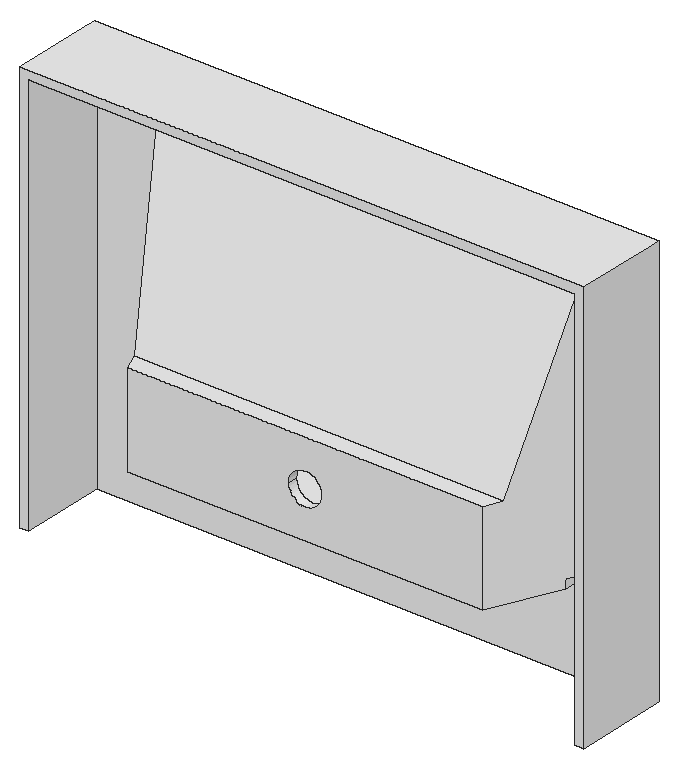
Revit family "XBasin-Single_Station-Sloan-Designer_Series-DSG-81000", category Plumbing Fixtures, host Face, Revit 2014
Parameters (values of type "DSG-81000")
  Width = 0"
  Waste Connection Radius = 3/4"
  Waste Connection Height = 21"
  Waste Connection Diameter = Waste Connection Radius * 2  # 1 1/2"
  Waste Connection = yes
  Warranty Information = "3 Year Limited Warranty"
  WFU = 2
  Vent Connection = no
  URL = "https://www.sloan.com/"
  Type Comments = ""
  Soap Dispenser Holes = yes
  Soap Dispenser Hole Punch = if(Soap Dispenser Holes, 0", 1/4")  # 0"
  Revised Date = "04/04/2017"
  Product Page URL = "https://www.sloan.com/commercial-bathroom-products/sinks/designer-series/dsg-80000/dsg-81000"
  Product Documentation Link = "https://specifications.sloan.com/sloan-spec/template/spec-template/fixtureId/1869"
  Price = "Prices may vary. Please consult Manufacturer Representative for most up-to-date price list."  # constant formula
  Model = "DSG-81000"
  Material = "Natural Stone-Sloan-DSC001-Designer White"
  Manufacturer = "SLOAN"
  Length = 22"
  Installation Type = "Wall Mounted"
  IAPMO Compliance = "cUPC"
  Hot Water Connection Width = Cold Water Connection Width  # 2"
  Hot Water Connection Height = Cold Water Connection Height  # 23"
  Hot Water Connection Diameter = Cold Water Connection Diameter  # 1/2"
  Faucet Width = 30"
  Faucet Hole Punch = if(Faucet Holes, 0", 1/4")  # 0"
  Height = 5"
  HWFU = 1.5
  HW Connection = yes
  Finish = Natural Stone-Sloan-DSC001-Designer White
  Faucet Holes = yes
  Description = "Designer Series Single Station Gradient Basin Lavatory"
  Default Elevation = 34"
  Creation Date = "04/15/2013"
  Cold Water Connection Width = 2"
  Cold Water Connection Radius = 1/4"
  Cold Water Connection Height = 23"
  Cold Water Connection Diameter = Cold Water Connection Radius * 2  # 1/2"
  CWFU = 1.5
  CW Connection = yes
  Basin Shape = "Rectangular"
  Assembly Code = "D2010300"
  ADA Compliant = yes
Reference planes (in)
  plane 1 "Center (Front/Back)": y = 0
  plane 2: z = 0
  plane 3 "Center (Left/Right)": x = 0
  plane 4: y = -5
  plane 5: z = 22
  plane 6: y = -34
  plane 7: y = -13
  plane 8: y = -11
  plane 9: x = -2
  plane 10: x = 2
  plane 11: z = 7
  plane 12: x = 15
  plane 13: x = -15
  plane 14: x = -6
  plane 15: x = -11
  plane 16: x = 11
Forms (in)
  Extrusion 1, solid, material "Natural Stone-Sloan-DSC001-Designer White" <- "Finish"
    sketch origin (0, 0, 0) x (1, 0, 0) y (0, 0, 1)
      loop
        line (15, 22) -> (-15, 22) -> (-15, 0) -> (-14.52756, 0) -> (-14.52756, 21.52756) -> (14.52756, 21.52756) -> (14.52756, 0) -> (15, 0) -> (15, 22)
    from 0 to 5
  Extrusion 2, solid, material "Natural Stone-Sloan-DSC001-Designer White" <- "Finish"
    sketch origin (0, 0, 0) x (1, 0, 0) y (0, 0, 1)
      loop
        line (15, 0) -> (15, 22) -> (-15, 22) -> (-15, 0) -> (15, 0)
      loop
        line (11, 19) -> (-11, 19) -> (-11, 5) -> (11, 5) -> (11, 19)
    from 0 to 0.47244
  Extrusion 3, solid, material "Natural Stone-Sloan-DSC001-Designer White" <- "Finish"
    sketch origin (0, 0, 0) x (0, 1, 0) y (0, 0, 1)
      loop
        line (0, 19) -> (-0.47244, 19.08029) -> (-3.83519, 9.47244) -> (-4.76173, 9.47244) -> (-4.76173, 4.52756) -> (-0.47244, 4.52756) -> (0, 5) -> (-4.28908, 5) -> (-4.28908, 9) -> (-3.5, 9) -> (0, 19)
    from -11 to 11
  Extrusion 4, solid, material "Natural Stone-Sloan-DSC001-Designer White" <- "Finish"
    sketch origin (0, 0, 0) x (1, 0, 0) y (0, 1, 0)
      loop
        line (11, 0) -> (8.91846, -4.75781) -> (9.43413, -4.75781) -> (11.30898, -0.47244) -> (11, 0)
      loop
        line (-11, 0) -> (-11.30898, -0.47244) -> (-9.43413, -4.75781) -> (-8.91846, -4.75781) -> (-11, 0)
    from 5 to 19.08029
  Extrusion 5, void
    sketch origin (0, 0, 0) x (0, 1, 0) y (0, 0, 1)
      loop
        line (-0.47244, 19.08029) -> (-5, 19.08029) -> (-5, 9.47244) -> (-3.83519, 9.47244) -> (-0.47244, 19.08029)
    from -11.30898 to 11.30898
  Extrusion 6, void
    sketch origin (0, 0, 0) x (1, 0, 0) y (0, 1, 0)
      loop
        line (-9.43242, -4.76173) -> (-11.30898, -0.47244) -> (-11.30898, -4.76173) -> (-9.43242, -4.76173)
      loop
        line (9.43242, -4.76173) -> (11.30898, -4.76173) -> (11.30898, -0.47244) -> (9.43242, -4.76173)
    from 4.52756 to 19.28617
  Extrusion 7, solid, not visible
    sketch origin (0, 0, 0) x (1, 0, 0) y (0, 1, 0)
      loop
        circle (0, -13) r 0.75
      loop
        circle (-2, -11) r 0.25
      loop
        circle (2, -11) r 0.25
    from 0 to 0.032
  Extrusion 8, void
    sketch origin (0, 0, 0) x (1, 0, 0) y (0, 0, 1)
      loop
        circle (0, 2.75) r 0.625
    from 0 <- "Faucet Hole Punch" to 0.47244
  Extrusion 9, void
    sketch origin (0, 0, 23) x (1, 0, 0) y (0, 0, 1)
      loop
        circle (-6, -19.875) r 0.5
    from 0 <- "Soap Dispenser Hole Punch" to 0.47244
  Extrusion 10, void
    sketch origin (0, 0, 0) x (1, 0, 0) y (0, 0, 1)
      loop
        circle (0, 7) r 0.875
    from 4.28906 to 4.76173
Cuts and joins
  Extrusion 5, Extrusion 8, Extrusion 9, Extrusion 10 cuts Extrusion 1
  Extrusion 5, Extrusion 8, Extrusion 9, Extrusion 10 cuts Extrusion 2
  Extrusion 5, Extrusion 6, Extrusion 8, Extrusion 9, Extrusion 10 cuts Extrusion 3
  Extrusion 5, Extrusion 8, Extrusion 9, Extrusion 10 cuts Extrusion 4
  joined: Extrusion 1, Extrusion 2, Extrusion 3, Extrusion 4
Lines and regions (in)
  Masking region 1
    outline origin (0, 0, 0) x (1, 0, 0) y (0, 0, 1)
      loop
        line (15, 22) -> (-15, 22) -> (-15, 0) -> (15, 0) -> (15, 22)
  symbolic lines, detail levels medium+fine
    curve 1: line (11, 0, 19) -> (-11, 0, 19)
    curve 2: line (-11, 0, 5) -> (11, 0, 5)
    curve 4: circle (0, 0, 7) r 0.875 normal (0, -1, 0)
    curve 5: line (11, 0, 5) -> (11, 0, 19)
    curve 8: line (-11, 0, 19) -> (-11, 0, 5)
  symbolic lines, detail levels fine
    curve 3: line (-9.46875, 0, 9) -> (9.46875, 0, 9)
    curve 6: line (11, 0, 19) -> (9.46875, 0, 9)
    curve 7: line (8.91846, 0, 9) -> (8.91846, 0, 5)
    curve 9: line (-8.91846, 0, 5) -> (-8.91846, 0, 9)
    curve 10: line (-9.46875, 0, 9) -> (-11, 0, 19)
  symbolic lines, visible <- "Faucet Holes", detail levels medium+fine
    curve 11: circle (0, 0, 2.75) r 0.625 normal (0, 1, 0)
  symbolic lines, visible <- "Soap Dispenser Holes", detail levels medium+fine
    curve 12: circle (-6, 0, 3.125) r 0.5 normal (0, 1, 0)
Dimensions and locks (in)
  "Length": host face to plane 5
  "Height": plane 4 to plane 1 "Center (Front/Back)"
  "Hot Water Connection Width": plane 9 to plane 3 "Center (Left/Right)"
  "Cold Water Connection Height": plane 6 to plane 8
  "Waste Connection Height": plane 6 to plane 7
  "Cold Water Connection Width": plane 3 "Center (Left/Right)" to plane 10
  "Default Elevation": plane 6 to plane 1 "Center (Front/Back)"
  aligned and locked: plane 2 to host face
  aligned and locked: level to host face
  aligned and locked: plane 7 to Extrusion 7 sketch curve
  aligned and locked: plane 8 to Extrusion 7 sketch curve  (x2)
  aligned and locked: plane 9 to Extrusion 7 sketch curve
  aligned and locked: plane 10 to Extrusion 7 sketch curve
  aligned and locked: Extrusion 2 sketch curve to level
  aligned and locked: Extrusion 2 sketch curve to plane 5
  aligned and locked: Extrusion 2 to Extrusion 8
  aligned and locked: plane 11 to Extrusion 10 sketch curve
  aligned and locked: plane 3 "Center (Left/Right)" to Extrusion 10 sketch curve
  aligned and locked: plane 3 "Center (Left/Right)" to Extrusion 8 sketch curve
  aligned and locked: plane 14 to Extrusion 9 sketch curve
Automatic sketch dimensions
  host sketch curve to host sketch curve = 96"  (x2)
  Extrusion 7 sketch curve to plane 3 "Center (Left/Right)" = 0"
  Masking region 1 sketch curve to level = 0"
  Masking region 1 sketch curve to plane 5 = 0"
  level to Extrusion 8 sketch curve = 2 3/4"
  plane 5 to Extrusion 9 sketch curve = 18 7/8"
  Masking region 1 sketch curve to plane 3 "Center (Left/Right)" = 15"
  plane 3 "Center (Left/Right)" to Masking region 1 sketch curve = 15"
  curve 11 to plane 3 "Center (Left/Right)" = 0"
  curve 4 to plane 3 "Center (Left/Right)" = 0"
  curve 4 to plane 11 = 0"
  curve 12 to plane 3 "Center (Left/Right)" = 6"
  curve 10 to plane 11 = 2"
  plane 13 to curve 10 = 5 17/32"
  plane 13 to curve 10 = 4"
  curve 3 to plane 12 = 5 17/32"
  curve 5 to plane 12 = 4"
  plane 11 to curve 8 = 2"
  level to curve 12 = 3 1/8"
  level to curve 11 = 2 3/4"
  plane 5 to curve 6 = 3"
  curve 2 to curve 9 = 2.08154"
  curve 7 to curve 2 = 2.08154"
  plane 1 "Center (Front/Back)" to Extrusion 4 sketch curve = 0"  (x2)
  Extrusion 4 sketch curve to plane 15 = 0"
  Extrusion 4 sketch curve to plane 16 = 0"
  Extrusion 4 sketch curve to plane 15 = 0.30898"
  Extrusion 4 sketch curve to plane 4 = 31/128"  (x2)
  plane 15 to Extrusion 4 sketch curve = 1.56587"
  Extrusion 4 sketch curve to Extrusion 4 sketch curve = 0.51568"  (x2)
  Extrusion 4 sketch curve to plane 16 = 2.08154"
  plane 16 to Extrusion 4 sketch curve = 0.30898"
  plane 1 "Center (Front/Back)" to Extrusion 4 sketch curve = 0.47244"  (x2)
  plane 4 to Extrusion 5 sketch curve = 0"
  Extrusion 5 sketch curve to plane 4 = 1.16481"
  plane 1 "Center (Front/Back)" to Extrusion 5 sketch curve = 0.47244"
  Extrusion 5 sketch curve to plane 11 = 2.47244"
  plane 5 to Extrusion 5 sketch curve = 2.91971"
  Extrusion 6 sketch curve to plane 15 = 0.30898"
  Extrusion 6 sketch curve to plane 4 = 61/256"  (x2)
  plane 15 to Extrusion 6 sketch curve = 1.56758"
  Extrusion 6 sketch curve to plane 16 = 1.56758"
  plane 16 to Extrusion 6 sketch curve = 0.30898"
  plane 1 "Center (Front/Back)" to Extrusion 6 sketch curve = 0.47244"  (x2)
  Extrusion 2 sketch curve to plane 13 = 0"
  Extrusion 2 sketch curve to plane 15 = 0"
  Extrusion 2 sketch curve to plane 16 = 0"
  Extrusion 2 sketch curve to plane 12 = 0"
  plane 5 to Extrusion 2 sketch curve = 3"
  plane 11 to Extrusion 2 sketch curve = 2"
  Extrusion 1 sketch curve to plane 5 = 0"
  Extrusion 1 sketch curve to level = 0"  (x2)
  Extrusion 1 sketch curve to plane 13 = 0"
  Extrusion 1 sketch curve to plane 12 = 0"
  plane 5 to Extrusion 1 sketch curve = 0.47244"
  Extrusion 1 sketch curve to Extrusion 1 sketch curve = 0.47244"
  Extrusion 1 sketch curve to plane 12 = 0.47244"
  Extrusion 3 sketch curve to plane 1 "Center (Front/Back)" = 0"  (x2)
  plane 1 "Center (Front/Back)" to Extrusion 3 sketch curve = 0.47244"  (x2)
  Extrusion 3 sketch curve to plane 4 = 1 1/2"
  Extrusion 3 sketch curve to Extrusion 3 sketch curve = 0.33519"
  Extrusion 3 sketch curve to Extrusion 3 sketch curve = 101/128"
  Extrusion 3 sketch curve to plane 4 = 61/256"
  plane 11 to Extrusion 3 sketch curve = 2.47244"
  Extrusion 3 sketch curve to Extrusion 3 sketch curve = 0.47244"  (x2)
  Extrusion 3 sketch curve to plane 11 = 2"
  plane 5 to Extrusion 3 sketch curve = 3"
  Extrusion 3 sketch curve to Extrusion 3 sketch curve = 0.08029"
  radius of Extrusion 7 sketch curve = 3/4"
  radius of Extrusion 7 sketch curve = 1/4"  (x2)
  radius of Extrusion 8 sketch curve = 5/8"
  radius of Extrusion 9 sketch curve = 1/2"
  radius of Extrusion 10 sketch curve = 7/8"
  radius of curve 4 = 7/8"
  radius of curve 11 = 5/8"
  radius of curve 12 = 1/2"
Connectors (in)
  piping at (0, -13, 0), diameter 1.5, driven by "Waste Connection Diameter", driven by "WFU"
    settings: on Extrusion 7, index 1, connector inside diameter 24", connector length 0", flow factor 0, pipe flow 0 GPM, pressure drop 0.00 psi, fitting loss kfactor 0, connector angle 0.00°, fixture units 2, engagement length 0", angle of deflection 0.00°, flow configuration 3, flow direction 2, fitting loss method 0, system type 16, joint type 0, gender type 0, connector reference index -1, connector utility 0, adjustable connector yes, is connector primary yes, connector description "1-1/2\" Waste Outlet"
  piping at (2, -11, 0), diameter 0.5, driven by "Hot Water Connection Diameter", driven by "CWFU"
    settings: on Extrusion 7, index 2, connector inside diameter 24", connector length 0", flow factor 0, pipe flow 0 GPM, pressure drop 0.00 psi, fitting loss kfactor 0, connector angle 0.00°, fixture units 1.5, engagement length 0", angle of deflection 0.00°, flow configuration 3, flow direction 1, fitting loss method 0, system type 20, joint type 0, gender type 0, connector reference index -1, connector utility 0, adjustable connector no, is connector primary no, connector description "1/2\" CW Supply Inlet"
  piping at (-2, -11, 0), diameter 0.5, driven by "Hot Water Connection Diameter", driven by "HWFU"
    settings: on Extrusion 7, index 3, connector inside diameter 24", connector length 0", flow factor 0, pipe flow 0 GPM, pressure drop 0.00 psi, fitting loss kfactor 0, connector angle 0.00°, fixture units 1.5, engagement length 0", angle of deflection 0.00°, flow configuration 3, flow direction 1, fitting loss method 0, system type 19, joint type 0, gender type 0, connector reference index -1, connector utility 0, adjustable connector no, is connector primary no, connector description "1/2\" HW Supply Inlet"
